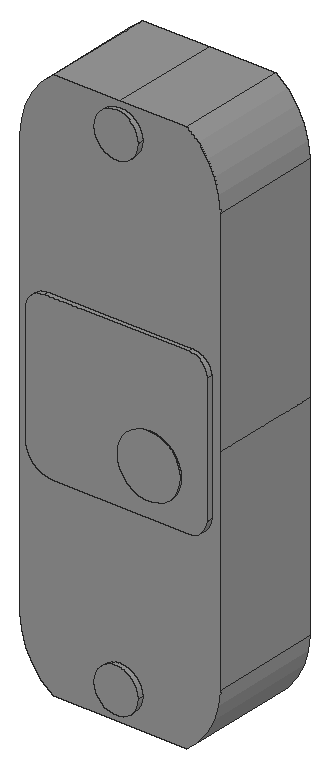
Revit family "АМ", category Устройства вызова и оповещения, Revit 2017
Family settings
  Сохранять ориентацию аннотаций = Нет
  Размер круглого соединителя = Использовать диаметр
  Тип детали = Нормальный
  На основе рабочей плоскости = Нет
  Всегда вертикально = Да
  При загрузке вырезать с полостями = Нет
  Общий = Нет
  Точка расчета площади = Нет
Parameters (values of type "Абоненский модуль")
  Срок службы [instance] = "7 лет"  # constant formula
  Режим работы [instance] = "Круглосуточный"  # constant formula
  Разработано = "support@bimlib.pro"  # constant formula
  Температура воздуха, рабочая [instance] = "0 до +55°С"  # constant formula
  Описание = "."  # constant formula
  Напряжение питание постоянного тока = "6-30 В"  # constant formula
  Номинальная мощность усилителя звуковой частоты в выносной переговорной панели [instance] = "0,5Вт"  # constant formula
  Мощность = 2 W
  Материал корпуса = Сталь, окрашенная, серая, матовая
  Максимальная длинна линии связи [instance] = "2000 м"  # constant formula
  Manufacturer = "СОУЭ 'Речор' "  # constant formula
  Длина = 45 mm  # constant formula
  Глубина = 25 mm  # constant formula
  Высота = 125 mm  # constant formula
  URL = "http://rechor.ru/blok-dispetcherskoj-svyazi-rechor-bds"
  ADSK_Примечание [instance] = ""
  ADSK_Позиция [instance] = ""
  Обозначение [instance] = "ТУ 4371-001-26480351-15"  # constant formula
  Наименование [instance] = "Абонентский модуль 'АМ'"  # constant formula
  ADSK_Масса_Текст [instance] = "0.15кг"  # constant formula
  ADSK_Завод-изготовитель [instance] = Manufacturer  # "СОУЭ 'Речор' "
Reference planes
  plane 1 "По центру (Вперед/Назад)": y = 0
  plane 2: z = 0
  plane 3 "По центру (Влево/Вправо)": x = 0
  plane 4: z = 62.5
  plane 5: z = -62.5
  plane 6: x = 22.5
  plane 7: x = -22.5
  plane 8: y = -25
Forms (mm)
  Extrusion 1, solid, material "Сталь, окрашенная, серая, матовая" <- "Материал корпуса"
    sketch origin (0, 0, 0) x (1, 0, 0) y (0, 0, 1)
      loop
        line (-22.5, 47.75) -> (-22.5, -0.25) -> (-22.5, -48.25)
        arc (-22.5, -48.25) -> (-20.511, -56.302) -> (-15, -62.5) r 17.288
        line (-15, -62.5) -> (0, -62.5) -> (15, -62.5)
        arc (15, -62.5) -> (20.511, -56.302) -> (22.5, -48.25) r 17.288
        line (22.5, -48.25) -> (22.5, -0.25) -> (22.5, 47.75)
        arc (22.5, 47.75) -> (20.517, 56.024) -> (15, 62.5) r 18.254
        line (15, 62.5) -> (0, 62.5) -> (-15, 62.5)
        arc (-15, 62.5) -> (-20.517, 56.024) -> (-22.5, 47.75) r 18.254
    from 0 to 25
  Extrusion 2, solid, material "Сталь, окрашенная, серая, матовая" <- "Материал корпуса"
    sketch origin (0, 0, 0) x (1, 0, 0) y (0, 0, 1)
      loop
        circle (0, 56.185) r 5
      loop
        circle (0, -55.63) r 5
      loop
        arc (-16.126, 18.382) -> (-19.189, 17.113) -> (-20.458, 14.049) r 4.332
        line (-20.458, 14.049) -> (-20.458, -11.87)
        arc (-20.458, -11.87) -> (-18.551, -16.474) -> (-13.946, -18.382) r 6.512
        line (-13.946, -18.382) -> (16.222, -18.382)
        arc (16.222, -18.382) -> (19.156, -17.237) -> (20.54, -14.406) r 4.332
        line (20.54, -14.406) -> (20.54, 14.406)
        arc (20.54, 14.406) -> (19.156, 17.237) -> (16.222, 18.382) r 4.332
        line (16.222, 18.382) -> (-16.126, 18.382)
    from 25 to 26.085
  Extrusion 3, solid, material "Фенолоформальдегидная смола"
    sketch origin (0, 0, 0) x (1, 0, 0) y (0, 0, 1)
      loop
        circle (7.398, -7.794) r 7.109
    from 25 to 26.187
Cuts and joins
  joined: Extrusion 1, Extrusion 2
Dimensions and locks
  "Высота": plane 4 to plane 5
  equal spacing: plane 4, level, plane 5
  equal spacing: plane 6, plane 3 "По центру (Влево/Вправо)", plane 7
  "Длина": plane 6 to plane 7
  "Глубина": plane 1 "По центру (Вперед/Назад)" to plane 8
  equal spacing: Extrusion 2 sketch curve, level, Extrusion 2 sketch curve
  plane 8 to Extrusion 2 = 1.085 mm
  aligned and locked: level to plane 2
  aligned and locked: Extrusion 1 to plane 1 "По центру (Вперед/Назад)"
  aligned and locked: Extrusion 1 to plane 8
  aligned and locked: plane 8 to Extrusion 2
  aligned and locked: plane 8 to Extrusion 3
Automatic sketch dimensions
  Extrusion 1 sketch curve to plane 7 = 0 mm
  Extrusion 1 sketch curve to plane 4 = 0 mm
  Extrusion 1 sketch curve to plane 5 = 0 mm
  Extrusion 1 sketch curve to plane 3 "По центру (Влево/Вправо)" = 0 mm  (x2)
  Extrusion 1 sketch curve to plane 6 = 0 mm
  plane 7 to Extrusion 1 sketch curve = 7.5 mm  (x2)
  Extrusion 1 sketch curve to plane 3 "По центру (Влево/Вправо)" = 5.212 mm
  Extrusion 1 sketch curve to plane 3 "По центру (Влево/Вправо)" = 4.246 mm
  plane 3 "По центру (Влево/Вправо)" to Extrusion 1 sketch curve = 4.246 mm
  plane 3 "По центру (Влево/Вправо)" to Extrusion 1 sketch curve = 5.212 mm
  Extrusion 1 sketch curve to plane 6 = 7.5 mm  (x2)
  Extrusion 1 sketch curve to level = 0.25 mm  (x2)
  Extrusion 2 sketch curve to plane 3 "По центру (Влево/Вправо)" = 0 mm  (x2)
  plane 7 to Extrusion 2 sketch curve = 8.554 mm
  plane 7 to Extrusion 2 sketch curve = 6.374 mm
  plane 7 to Extrusion 2 sketch curve = 2.042 mm
  Extrusion 2 sketch curve to plane 6 = 6.278 mm  (x2)
  Extrusion 2 sketch curve to plane 6 = 1.96 mm
  plane 5 to Extrusion 2 sketch curve = 6.87 mm
  Extrusion 2 sketch curve to level = 18.382 mm
  Extrusion 2 sketch curve to Extrusion 2 sketch curve = 4.332 mm  (x2)
  Extrusion 2 sketch curve to plane 4 = 6.315 mm
  plane 3 "По центру (Влево/Вправо)" to Extrusion 3 sketch curve = 7.398 mm
  Extrusion 3 sketch curve to level = 7.794 mm
  radius of Extrusion 2 sketch curve = 5 mm  (x2)
  radius of Extrusion 3 sketch curve = 7.109 mm
Nested families
  nested 1: "аннотации" at (0, -12.543, 0), type "аннотации"
Connectors
  electrical at (-11.875, 0, 32.5)
    settings: on Extrusion 1, index 1, voltage 0 V, apparent load 0 VA, apparent load phase1 0 VA, apparent load phase2 0 VA, apparent load phase3 0 VA, power factor 1, load classification "Прочее", number of poles 1, system type 9, power factor state 1, is connector primary yes, connector utility no, sub classification motor no, connector description ""
  electrical at (14.375, 0, 32.5)
    settings: on Extrusion 1, index 2, voltage 0 V, apparent load 0 VA, apparent load phase1 0 VA, apparent load phase2 0 VA, apparent load phase3 0 VA, power factor 1, load classification "Прочее", number of poles 1, system type 12, power factor state 1, is connector primary no, connector utility no, sub classification motor no, connector description ""
  electrical at (0, 0, -0.125), driven by "Мощность"
    settings: on cut or joined group of Extrusion 1, Extrusion 2, index 3, voltage 220 V, apparent load 0 VA, apparent load phase1 2 VA, apparent load phase2 0 VA, apparent load phase3 0 VA, power factor 1, load classification "Прочее", number of poles 1, system type 31, power factor state 1, is connector primary no, connector utility no, sub classification motor no, connector description ""
Definition of nested family "аннотации"
  Reference planes
    plane 1: y = 0
    plane 2: x = 0
  Lines and regions (mm)
    Masking region 1
      outline origin (0, 0, 0) x (1, 0, 0) y (0, 1, 0)
        loop
          line (-10.464, -6.847) -> (-9.159, -8.402) -> (8.255, 6.21) -> (6.95, 7.765) -> (-10.464, -6.847)
    Filled region 1, type "Цветовая область 1"
      outline origin (0, 0, 0) x (1, 0, 0) y (0, 1, 0)
        loop
          line (-10.464, -6.847) -> (-9.159, -8.402) -> (8.255, 6.21) -> (6.95, 7.765) -> (-10.464, -6.847)
    detail lines
      curve 1: line (-22.5, 12.5, 0) -> (22.5, 12.5, 0)
      curve 2: line (-22.5, -12.5, 0) -> (-22.5, 12.5, 0)
      curve 3: line (22.5, -12.5, 0) -> (-22.5, -12.5, 0)
      curve 4: line (22.5, 12.5, 0) -> (22.5, -12.5, 0)
      curve 5: line (0, 12.5, 0) -> (0, 19.658, 0)
      curve 6: line (0, 14.338, 0) -> (-3.196, 19.658, 0)
      curve 7: line (0, 14.338, 0) -> (3.196, 19.658, 0)
      curve 8: line (-10.464, -6.847, 0) -> (6.95, 7.765, 0)
      curve 9: line (6.95, 7.765, 0) -> (8.255, 6.21, 0)
      curve 10: line (8.255, 6.21, 0) -> (-9.159, -8.402, 0)
      curve 11: line (-10.464, -6.847, 0) -> (-9.159, -8.402, 0)
  Dimensions and locks
    curve 3 to curve 1 = 25 mm
    curve 2 to curve 4 = 45 mm
    equal spacing: curve 2, plane 2, curve 4
    equal spacing: curve 3, plane 1, curve 1
    curve 4 to plane 2 = 22.5 mm
    plane 1 to curve 1 = 12.5 mm
